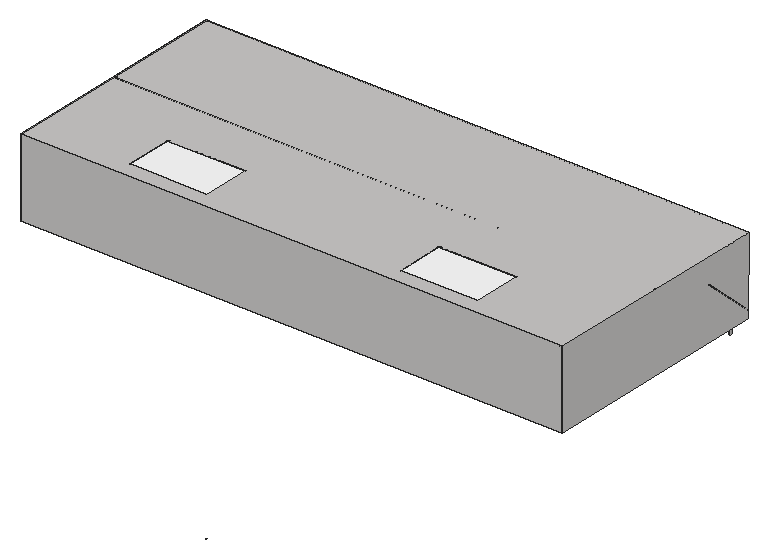
Revit family "QF_ELECTROLUXPROFESSIONAL_640192_EPF1228", category Specialty Equipment, Revit 2014
Reference planes
  plane 1: z = 0
  plane 2 "Center (Left/Right)": x = 150
  plane 3 "LEFT": x = -1250
  plane 4 "RIGHT": x = 1550
  plane 5 "BACK": y = 550
  plane 6 "TOP": z = 2400
  plane 7 "Base": z = 2000
  plane 8: z = 1970
  plane 9 "DrainY": y = 450
  plane 10: x = -1247
  plane 11: y = -320
  plane 12: y = -570
  plane 13 "DrainX": x = 1537
  plane 14 "AOLeft2": x = -350
  plane 15 "AORight1": x = 650
  plane 16: x = 1547
  plane 17: x = -1050
  plane 18: x = 1350
  plane 19 "Center (Front/Back)": y = -50
  plane 20 "Front": y = -650
  plane 21: through (0, -49.6, 2399.19) normal (0, -0.5736, 0.8192)
  plane 22: x = 50
  plane 23: x = 250
  plane 24 "AOLeft1": x = -750
  plane 25 "AORight2": x = 1050
Forms (mm)
  Extrusion 1, solid, material "QF_Finishes_Stainless Steel"
    sketch origin (-1250, 0, 360) x (0, 1, 0) y (0, 0, 1)
      loop
        line (550, 1640) -> (550, 2040) -> (-650, 2040) -> (-650, 1640) -> (550, 1640)
    from 0 to 3
  Extrusion 2, solid, material "QF_Finishes_Stainless Steel"
    sketch origin (1550, 0, 360) x (0, 1, 0) y (0, 0, 1)
      loop
        line (550, 1640) -> (550, 2040) -> (-650, 2040) -> (-650, 1640) -> (550, 1640)
    from 0 to -3
  Extrusion 3, solid, material "QF_Finishes_Stainless Steel"
    sketch origin (150, 0, 360) x (0, 1, 0) y (0, 0, 1)
      loop
        line (-650, 2040) -> (-650, 1640) -> (-640, 1640) -> (-640, 1640.8) -> (-649.2, 1640.8) -> (-649.2, 2039.19) -> (549.2, 2039.19) -> (549.2, 1640.8) -> (540, 1640.8) -> (540, 1640) -> (550, 1640) -> (550, 2040) -> (-650, 2040)
    from -1400 to 1400
  Extrusion 4, solid, material "QF_Finishes_Stainless Steel"
    sketch origin (0, 0, 2000) x (0, 1, 0) y (-1, 0, 0)
      loop
        circle (450, -1537) r 4.763
    from -30 to 0
  Extrusion 5, void
    sketch origin (0, 0, 2400) x (0, 1, 0) y (-1, 0, 0)
      loop
        line (-320, 350) -> (-320, 750) -> (-570, 750) -> (-570, 350) -> (-320, 350)
    from 0 to -10
  Extrusion 6, solid, material "QF_Finishes_Stainless Steel"
    sketch origin (0, 0, 0) x (1, 0, 0) y (0, 1, 0)
      loop
        line (-1250, 550) -> (-1250, 549) -> (-1249, 549) -> (-1249, 550) -> (-1250, 550)
    from 0 to 1
  Extrusion 7, solid, material "QF_Finishes_Stainless Steel"
    sketch origin (150, 0, 360) x (0, 1, 0) y (0, 0, 1)
      loop
        line (-131.515, 1981.832) -> (-134.381, 1985.926) -> (-573.276, 1678.608) -> (-570.553, 1674.415) -> (-131.515, 1981.832)
    from -1200 to -1397
  Extrusion 8, solid, material "QF_Finishes_Stainless Steel"
    sketch origin (150, 0, 360) x (0, 1, 0) y (0, 0, 1)
      loop
        line (-650, 2039.19) -> (-650, 1640) -> (-619.702, 1640) -> (-570.553, 1674.415) -> (-578.723, 1686.995) -> (-579.394, 1686.559) -> (-571.645, 1674.627) -> (-619.955, 1640.8) -> (-649.2, 1640.8) -> (-649.2, 2039.19) -> (-650, 2039.19)
      loop
        line (-49.6, 2039.19) -> (-50.995, 2039.19) -> (-131.319, 1982.947) -> (-139.464, 1994.578) -> (-140.119, 1994.12) -> (-131.515, 1981.832) -> (-49.6, 2039.19)
    from -1397 to 1397
  Extrusion 9, solid, material "QF_Finishes_Stainless Steel"
    sketch origin (150, 0, 360) x (0, 1, 0) y (0, 0, 1)
      loop
        line (-131.515, 1981.832) -> (-134.381, 1985.926) -> (-573.276, 1678.608) -> (-570.553, 1674.415) -> (-131.515, 1981.832)
    from 1397 to 1200
  Extrusion 10, solid, material "QF_Finishes_Stainless Steel"
    sketch origin (150, 0, 360) x (0, 1, 0) y (0, 0, 1)
      loop
        line (-131.515, 1981.832) -> (-134.381, 1985.926) -> (-573.276, 1678.608) -> (-570.553, 1674.415) -> (-131.515, 1981.832)
    from -100 to 100
  Extrusion 11, solid, material "QF_Finished_Chrome"
    sketch origin (150, 0, 360) x (0, 1, 0) y (0, 0, 1)
      loop
        line (-131.515, 1981.832) -> (-134.381, 1985.926) -> (-573.276, 1678.608) -> (-570.553, 1674.415) -> (-131.515, 1981.832)
    from -1200 to -100
  Extrusion 12, solid, material "QF_Finished_Chrome"
    sketch origin (150, 0, 360) x (0, 1, 0) y (0, 0, 1)
      loop
        line (-131.515, 1981.832) -> (-134.381, 1985.926) -> (-573.276, 1678.608) -> (-570.553, 1674.415) -> (-131.515, 1981.832)
    from 100 to 1200
  Sweep 13, solid, material "QF_Finishes_Stainless Steel"
    path origin (0, 0, 0) x (1, 0, 0) y (0, 1, 0)
      loop
        line (1550, 550) -> (-1250, 550) -> (-1250, -650) -> (1550, -650) -> (1550, 550)
    profile origin (1550, -50, 0) x (1, 0, 0) y (0, 0, 1)
      loop
        line (-3, 2000) -> (-3, 2000.8) -> (-19, 2000.8) -> (-19, 2010) -> (-20, 2010) -> (-20, 2000) -> (-3, 2000)
  Extrusion 14, solid, material "QF_Finishes_Stainless Steel"
    sketch origin (150, 0, 0) x (0, 1, 0) y (0, 0, 1)
      loop
        line (549.2, 2040.8) -> (549.2, 2041.877) -> (289.521, 2275.693) -> (-43.438, 2399.19) -> (-45.739, 2399.19) -> (289.099, 2274.996) -> (549.2, 2040.8)
    from -1397 to 1397
  Extrusion 15, void
    sketch origin (1134.605, 0, 2400) x (0, 1, 0) y (-1, 0, 0)
      loop
        line (-320, 84.605) -> (-320, 484.605) -> (-570, 484.605) -> (-570, 84.605) -> (-320, 84.605)
    from 0 to -10
Cuts and joins
  Extrusion 5, Extrusion 15 cuts Extrusion 3
  joined: Extrusion 2, Extrusion 3, Sweep 13
Lines and regions (mm)
  symbolic lines, style "SpecialityEquipment", detail levels coarse
    curve 1: line (1550, 550, 2400) -> (-1250, 550, 2400)
    curve 2: line (-1250, 550, 2400) -> (-1250, -650, 2400)
    curve 3: line (1550, -650, 2400) -> (1550, 550, 2400)
    curve 4: line (-1250, 550, 0) -> (1550, -650, 0)
    curve 5: line (1550, 550, 0) -> (-1250, -650, 0)
    curve 6: line (-1250, -650, 0) -> (1550, -650, 0)
    curve 7: line (-350, -320, 0) -> (-750, -320, 0)
    curve 8: line (-350, -570, 0) -> (-350, -320, 0)
    curve 9: line (-750, -570, 0) -> (-350, -570, 0)
    curve 10: line (-750, -320, 0) -> (-750, -570, 0)
    curve 11: line (650, -320, 0) -> (650, -570, 0)
    curve 12: line (1050, -320, 0) -> (650, -320, 0)
    curve 13: line (1050, -570, 0) -> (1050, -320, 0)
    curve 14: line (650, -570, 0) -> (1050, -570, 0)
Dimensions and locks
  plane 3 "LEFT" to plane 4 "RIGHT" = 2800 mm
  equal spacing: plane 3 "LEFT", plane 2 "Center (Left/Right)", plane 4 "RIGHT"
  plane 7 "Base" to plane 8 = 30 mm
  plane 5 "BACK" to plane 9 "DrainY" = 100 mm  (x2)
  plane 3 "LEFT" to plane 10 = 3 mm
  plane 13 "DrainX" to plane 4 "RIGHT" = 13 mm
  plane 16 to plane 4 "RIGHT" = 3 mm
  plane 3 "LEFT" to plane 17 = 200 mm
  plane 18 to plane 4 "RIGHT" = 200 mm
  locked: plane 14 "AOLeft2" to plane 15 "AORight1" at 1000
  equal spacing: plane 14 "AOLeft2", plane 2 "Center (Left/Right)", plane 15 "AORight1"
  locked: plane 7 "Base" to level at 2000
  locked: plane 6 "TOP" to plane 7 "Base" at 400
  plane 5 "BACK" to plane 20 "Front" = 1200 mm  (x2)
  equal spacing: plane 5 "BACK", plane 19 "Center (Front/Back)", plane 20 "Front"
  locked: plane 22 to plane 23 at 200
  equal spacing: plane 22, plane 2 "Center (Left/Right)", plane 23
  plane 12 to plane 20 "Front" = 80 mm
  locked: plane 11 to plane 12 at 250
  locked: plane 24 "AOLeft1" to plane 14 "AOLeft2" at 400
  locked: plane 15 "AORight1" to plane 25 "AORight2" at 400
  aligned and locked: level to plane 1
  aligned and locked: plane 4 "RIGHT" to Extrusion 3
  aligned and locked: Extrusion 3 to plane 3 "LEFT"
  aligned and locked: Extrusion 5 to plane 12
  aligned and locked: Extrusion 5 to plane 11
  aligned and locked: Extrusion 7 to plane 10
  aligned and locked: Extrusion 7 to plane 17
  aligned and locked: Extrusion 2 to plane 16
  aligned and locked: plane 16 to Extrusion 9
  aligned and locked: plane 18 to Extrusion 9
  aligned and locked: plane 23 to Extrusion 10
  aligned and locked: Extrusion 10 to plane 22
  aligned and locked: plane 22 to Extrusion 11
  aligned and locked: Extrusion 11 to plane 17
  aligned and locked: Extrusion 12 to plane 23
  aligned and locked: Extrusion 12 to plane 18
  aligned and locked: Extrusion 14 to plane 10
  aligned and locked: plane 16 to Extrusion 14
  aligned and locked: Extrusion 8 to plane 10
  aligned and locked: plane 16 to Extrusion 8
  aligned and locked: Extrusion 5 to plane 24 "AOLeft1"
  aligned and locked: Extrusion 5 to plane 14 "AOLeft2"
  aligned and locked: plane 25 "AORight2" to Extrusion 15
  aligned and locked: plane 15 "AORight1" to Extrusion 15
Automatic sketch dimensions
  Extrusion 1 sketch curve to plane 7 "Base" = 0 mm
  Extrusion 1 sketch curve to plane 20 "Front" = 0 mm
  Extrusion 1 sketch curve to plane 5 "BACK" = 0 mm
  Extrusion 1 sketch curve to plane 6 "TOP" = 0 mm
  Extrusion 2 sketch curve to plane 7 "Base" = 0 mm
  Extrusion 2 sketch curve to plane 20 "Front" = 0 mm
  Extrusion 2 sketch curve to plane 5 "BACK" = 0 mm
  Extrusion 2 sketch curve to plane 6 "TOP" = 0 mm
  Extrusion 3 sketch curve to plane 6 "TOP" = 0 mm
  Extrusion 3 sketch curve to plane 20 "Front" = 0 mm
  Extrusion 3 sketch curve to plane 7 "Base" = 0 mm  (x2)
  Extrusion 3 sketch curve to plane 5 "BACK" = 0 mm
  plane 20 "Front" to Extrusion 3 sketch curve = 0.8 mm
  Extrusion 3 sketch curve to Extrusion 3 sketch curve = 9.2 mm
  plane 7 "Base" to Extrusion 3 sketch curve = 0.8 mm  (x2)
  Extrusion 3 sketch curve to plane 5 "BACK" = 10 mm
  Extrusion 3 sketch curve to plane 5 "BACK" = 0.8 mm
  Extrusion 3 sketch curve to plane 6 "TOP" = 0.81 mm
  Extrusion 4 sketch curve to plane 9 "DrainY" = 0 mm
  Extrusion 4 sketch curve to plane 13 "DrainX" = 0 mm
  Extrusion 5 sketch curve to plane 12 = 0 mm
  plane 11 to Extrusion 5 sketch curve = 0 mm
  Extrusion 5 sketch curve to plane 14 "AOLeft2" = 0 mm
  Extrusion 5 sketch curve to plane 24 "AOLeft1" = 0 mm
  Extrusion 6 sketch curve to plane 3 "LEFT" = 0 mm
  Extrusion 6 sketch curve to plane 5 "BACK" = 0 mm
  plane 3 "LEFT" to Extrusion 6 sketch curve = 1 mm
  Extrusion 6 sketch curve to Extrusion 6 sketch curve = 1 mm
  Extrusion 7 sketch curve to plane 21 = 0 mm  (x2)
  Extrusion 7 sketch curve to plane 12 = 3.276 mm
  Extrusion 7 sketch curve to plane 12 = 0.553 mm
  Extrusion 7 sketch curve to plane 6 "TOP" = 54.074 mm
  Extrusion 7 sketch curve to plane 19 "Center (Front/Back)" = 84.381 mm
  Extrusion 8 sketch curve to plane 20 "Front" = 0 mm
  Extrusion 8 sketch curve to plane 7 "Base" = 0 mm
  Extrusion 8 sketch curve to plane 21 = 0 mm  (x4)
  plane 20 "Front" to Extrusion 8 sketch curve = 0.8 mm
  Extrusion 8 sketch curve to Extrusion 8 sketch curve = 0.252 mm
  Extrusion 8 sketch curve to plane 12 = 9.394 mm
  Extrusion 8 sketch curve to Extrusion 8 sketch curve = 0.671 mm
  Extrusion 8 sketch curve to plane 12 = 1.645 mm
  Extrusion 8 sketch curve to plane 12 = 0.553 mm
  Extrusion 8 sketch curve to plane 6 "TOP" = 45.88 mm
  Extrusion 8 sketch curve to plane 19 "Center (Front/Back)" = 90.119 mm
  Extrusion 8 sketch curve to plane 6 "TOP" = 45.422 mm
  Extrusion 8 sketch curve to plane 6 "TOP" = 57.053 mm
  Extrusion 8 sketch curve to plane 6 "TOP" = 0.81 mm  (x2)
  plane 7 "Base" to Extrusion 8 sketch curve = 0.8 mm
  Extrusion 8 sketch curve to Extrusion 8 sketch curve = 0.212 mm
  Extrusion 9 sketch curve to plane 21 = 0 mm  (x2)
  Extrusion 9 sketch curve to plane 12 = 3.276 mm
  Extrusion 9 sketch curve to plane 12 = 0.553 mm
  Extrusion 9 sketch curve to plane 6 "TOP" = 54.074 mm
  Extrusion 9 sketch curve to plane 19 "Center (Front/Back)" = 84.381 mm
  Extrusion 10 sketch curve to plane 21 = 0 mm  (x2)
  Extrusion 10 sketch curve to plane 12 = 3.276 mm
  Extrusion 10 sketch curve to plane 12 = 0.553 mm
  Extrusion 10 sketch curve to plane 6 "TOP" = 54.074 mm
  Extrusion 10 sketch curve to plane 19 "Center (Front/Back)" = 84.381 mm
  Extrusion 11 sketch curve to plane 21 = 0 mm  (x2)
  Extrusion 11 sketch curve to plane 12 = 3.276 mm
  Extrusion 11 sketch curve to plane 12 = 0.553 mm
  Extrusion 11 sketch curve to plane 6 "TOP" = 54.074 mm
  Extrusion 11 sketch curve to plane 19 "Center (Front/Back)" = 84.381 mm
  Extrusion 12 sketch curve to plane 21 = 0 mm  (x2)
  Extrusion 12 sketch curve to plane 12 = 3.276 mm
  Extrusion 12 sketch curve to plane 12 = 0.553 mm
  Extrusion 12 sketch curve to plane 6 "TOP" = 54.074 mm
  Extrusion 12 sketch curve to plane 19 "Center (Front/Back)" = 84.381 mm
  Sweep 13 sketch curve to plane 3 "LEFT" = 0 mm
  Sweep 13 sketch curve to plane 4 "RIGHT" = 0 mm
  Sweep 13 sketch curve to plane 20 "Front" = 0 mm
  Sweep 13 sketch curve to plane 5 "BACK" = 0 mm
  profile plane to Sweep 13 sketch curve = 20 mm
  Sweep 13 sketch curve to Sweep 13 sketch curve = 1 mm
  profile plane to Sweep 13 sketch curve = 3 mm
  level to Sweep 13 sketch curve = 2000 mm
  Sweep 13 sketch curve to Sweep 13 sketch curve = 0.8 mm
  Sweep 13 sketch curve to Sweep 13 sketch curve = 9.2 mm
  Extrusion 14 sketch curve to plane 6 "TOP" = 0.81 mm  (x2)
  plane 19 "Center (Front/Back)" to Extrusion 14 sketch curve = 6.562 mm
  Extrusion 14 sketch curve to plane 9 "DrainY" = 160.901 mm
  Extrusion 14 sketch curve to Extrusion 14 sketch curve = 0.422 mm
  Extrusion 14 sketch curve to plane 5 "BACK" = 0.8 mm
  Extrusion 14 sketch curve to plane 6 "TOP" = 124.307 mm
  Extrusion 14 sketch curve to Extrusion 14 sketch curve = 0.697 mm
  plane 7 "Base" to Extrusion 14 sketch curve = 41.877 mm
  Extrusion 14 sketch curve to Extrusion 14 sketch curve = 1.077 mm
  Extrusion 14 sketch curve to Extrusion 14 sketch curve = 2.3 mm
  Extrusion 15 sketch curve to plane 12 = 0 mm
  plane 11 to Extrusion 15 sketch curve = 0 mm
  Extrusion 15 sketch curve to plane 15 "AORight1" = 400 mm
  plane 23 to Extrusion 15 sketch curve = 400 mm
  curve 5 to plane 3 "LEFT" = 0 mm
  curve 4 to plane 3 "LEFT" = 0 mm
  curve 6 to plane 20 "Front" = 0 mm
  curve 5 to plane 4 "RIGHT" = 0 mm
  curve 6 to plane 4 "RIGHT" = 0 mm
  curve 5 to plane 5 "BACK" = 0 mm
  curve 4 to plane 5 "BACK" = 0 mm
  curve 2 to plane 3 "LEFT" = 0 mm
  curve 2 to plane 20 "Front" = 0 mm
  curve 3 to plane 4 "RIGHT" = 0 mm
  curve 3 to plane 20 "Front" = 0 mm
  curve 2 to plane 5 "BACK" = 0 mm
  plane 11 to curve 7 = 0 mm
  curve 7 to plane 24 "AOLeft1" = 0 mm
  curve 8 to plane 12 = 0 mm
  curve 8 to plane 14 "AOLeft2" = 0 mm
  plane 11 to curve 11 = 0 mm
  curve 11 to plane 15 "AORight1" = 0 mm
  curve 12 to plane 25 "AORight2" = 0 mm
  curve 13 to plane 12 = 0 mm
  radius of Extrusion 4 sketch curve = 4.763 mm
Connectors
  piping at (1537, 450, 1970), diameter 9.5
    settings: on Extrusion 4, index 1, connector inside diameter 609.6 mm, connector length 0 mm, flow factor 0, pipe flow 0.0 L/s, pressure drop 0.0 Pa, fitting loss kfactor 0, connector angle 0.00°, fixture units 0, engagement length 0 mm, angle of deflection 0.00°, flow configuration 1, flow direction 2, fitting loss method 0, system type 16, joint type 0, gender type 0, connector reference index -1, connector utility 0, adjustable connector no, is connector primary yes, connector description "Drain"
  hvac at (-550, -445, 2400)
    settings: on Extrusion 5, index 2, duct flow 0.0 L/s, flow factor 0, pres drop 0.0 Pa, loss coef 0, conn angle 0.00°, conn width 250 mm, conn height 400 mm, conn diameter 609.6 mm, duct sys type 3, conn prof type 1, flow config 1, flow direction 2, loss method 0, conn ref index -1, conn util no, is conn primary yes, conn desc "EXHAUST OUTLET"
  hvac at (850, -445, 2400)
    settings: on Extrusion 15, index 3, duct flow 0.0 L/s, flow factor 0, pres drop 0.0 Pa, loss coef 0, conn angle 0.00°, conn width 250 mm, conn height 400 mm, conn diameter 609.6 mm, duct sys type 3, conn prof type 1, flow config 1, flow direction 2, loss method 0, conn ref index -1, conn util no, is conn primary no, conn desc "EXHAUST OUTLET"
